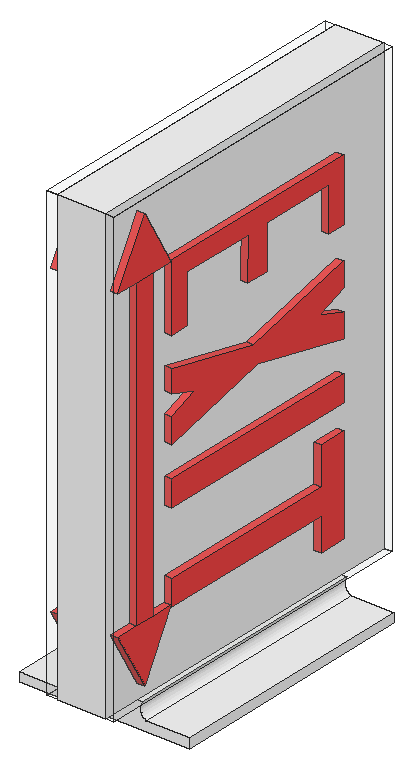
Revit family "CLS_End", category Lighting Fixtures, host Face, Revit 2014
Parameters (values of type "CLS-D-EXIT-Double_Arrow")
  zz Length 1 [instance] = if([EXIT - Single Face], 0.200", 0.250")  # 0.200"
  Watts = 3.72 W
  Wattage Comments = "3.72 W"
  Warranty = "Fixture: 5 Years Full; Battery: 2 Years Full, 8 Years Pro-Rata"  # constant formula
  Wall Plate Material = Hubbell - Black
  Voltage [instance] = if(Is 120VAC, 120 V, 277 V)  # 120 V
  URL = "https://www.hubbell.com/dual-lite/en"
  Type Comments = "Exit Light"  # constant formula
  EXIT - Single Face = yes
  STAIR - Single Face = no
  STAIR - Double Face = no
  Right Arrow - Single = yes
  Right Arrow - Double = yes
  Product Page URL = "https://www.hubbell.com/dual-lite/en/Products/Lighting-Controls/Emergency-Exit-Lighting/Exit-Message-Signs/CLS/p/222327"
  Product Documentation Link = "https://hubbellcdn.com/specsheet/0603521_cls_spec.pdf"
  Model = "CLS"
  Manufacturer = "DUAL-LITE"  # constant formula
  Load Classification = Lighting
  Lens = Hubbell - Red Glass
  Left Arrow - Single = yes
  Left Arrow - Double = yes
  Lamp = "LED Lamp"  # constant formula
  Is 277VAC [instance] = not(Is 120VAC)  # no
  Is 120VAC [instance] = yes
  Holder Material = Hubbell - Steel
  Glass = Hubbell - Glass
  Finish = Hubbell - White
  Features = "Improved one-piece design in AC or emergency operation\r\nHighly reliable and energy efficient LED illumination\r\nLong lasting Nickel Cadmium Battery\r\nGlass panels with EXIT or STAIRS"  # constant formula
  End = End : C1
  EXIT - Double Face = yes
  Description = "The CLS Series offers bright and even LED EXIT or STAIRS glass panel illumination with Red letters, white LED's and a 20 gauge, durable steel housing. Features include AC or Emergency operation in single or double face. 120/277 VAC input. City of Chicago approved."  # constant formula
  Default Elevation = 48.000"
  Certification = "UL 924 Listed\r\nNFPA 101 Life Safety Code\r\nCEC T20 Compliant"  # constant formula
  Arrow Base - Single = yes
  Arrow Base - Double = yes
  Application = "The Sempra® MR Series are a set of compact, low-profile Master/\r\nRemote exit sign featuring cast aluminum construction. It allows for\r\neasy installation and has energy saving, long-life LED lamps. "  # constant formula
  Apparent Load = Watts  # 3.72 VA
Types (16): name | zz Length 1 | EXIT - Single Face | STAIR - Single Face | STAIR - Double Face | Right Arrow - Single | Right Arrow - Double | Left Arrow - Single | Left Arrow - Double | Glass | EXIT - Double Face | Arrow Base - Single | Arrow Base - Double
  CLS-S-EXIT-No_arrows | 0.200" | yes | no | no | no | no | no | no | Hubbell - Glass | no | no | no
  CLS-S-EXIT-Right_Arrow | 0.200" | yes | no | no | yes | no | no | no | Hubbell - light Glass | no | yes | no
  CLS-S-EXIT-Left_Arrow | 0.200" | yes | no | no | no | no | yes | no | Hubbell - light Glass | no | yes | no
  CLS-S-EXIT-Double_Arrow | 0.200" | yes | no | no | yes | no | yes | no | Hubbell - light Glass | no | yes | no
  CLS-D-EXIT-No_Arrows | 0.200" | yes | no | no | no | no | no | no | Hubbell - light Glass | yes | no | no
  CLS-D-EXIT-Left_Arrow | 0.200" | yes | no | no | no | yes | yes | no | Hubbell - light Glass | yes | yes | yes
  CLS-D-EXIT-Right_Arrow | 0.200" | yes | no | no | yes | no | no | yes | Hubbell - light Glass | yes | yes | yes
  CLS-D-EXIT-Double_Arrow | 0.200" | yes | no | no | yes | yes | yes | yes | Hubbell - Glass | yes | yes | yes
  CLS-S-STAIRS-No_Arrows | 0.250" | no | yes | no | no | no | no | no | Hubbell - Glass | no | no | no
  CLS-S-STAIRS-Right_Arrow | 0.250" | no | yes | no | yes | no | no | no | Hubbell - Glass | no | yes | no
  CLS-S-STAIRS-Left_Arrow | 0.250" | no | yes | no | no | no | yes | no | Hubbell - Glass | no | yes | no
  CLS-S-STAIRS-Double_Arrow | 0.250" | no | yes | no | yes | no | yes | no | Hubbell - Glass | no | yes | no
  CLS-D-STAIRS-No_Arrow | 0.250" | no | yes | yes | no | no | no | no | Hubbell - Glass | no | no | no
  CLS-D-STAIRS-Right_Arrow | 0.250" | no | yes | yes | yes | no | no | yes | Hubbell - Glass | no | yes | yes
  CLS-D-STAIRS-Left_Arrow | 0.250" | no | yes | yes | no | yes | yes | no | Hubbell - Glass | no | yes | yes
  CLS-D-STAIRS-Double_Arrow | 0.250" | no | yes | yes | yes | yes | yes | yes | Hubbell - Glass | no | yes | yes
Reference planes (in)
  plane 1 "Center (Front/Back)": y = 0
  plane 2: z = 0
  plane 3 "Center (Left/Right)": x = 0
  plane 4: x = -6.25
  plane 5: x = 6.25
  plane 6: x = -2.75
  plane 7: x = 2.75
  plane 8: z = 9.3
  plane 9: y = -1.25
  plane 10: y = 1.25
  plane 11: y = -2.2
  plane 12: y = 2.2
Forms (in)
  Extrusion 1, solid, material "Hubbell - White"
    sketch origin (-0.33698, -0.33698, 0) x (1, 0, 0) y (0, 0, 1)
      loop
        line (2.20258, 0) -> (2.20258, 0.24288) -> (1.0795, 0.24288)
        arc (1.0795, 0.24288) -> (0.94157, 0.42301) -> (0.97906, 0.64676) r 0.28476
        line (0.97906, 0.64676) -> (-0.97906, 0.64676)
        arc (-0.97906, 0.64676) -> (-0.94157, 0.42301) -> (-1.0795, 0.24288) r 0.28476
        line (-1.0795, 0.24288) -> (-2.20258, 0.24288) -> (-2.20258, 0) -> (2.20258, 0)
    from -3.46752 to 3.16302
Dimensions and locks (in)
  plane 4 to plane 3 "Center (Left/Right)" = 6.250"
  equal spacing: plane 4, plane 3 "Center (Left/Right)", plane 5
  equal spacing: plane 6, plane 3 "Center (Left/Right)", plane 7
  plane 6 to plane 3 "Center (Left/Right)" = 2.750"
  plane 7 to plane 6 = 5.500"
  plane 5 to plane 4 = 12.500"
  aligned and locked: plane 2 to host face
  aligned and locked: level to host face
Automatic sketch dimensions
  host sketch curve to host sketch curve = 96.000"  (x2)
  Extrusion 1 sketch curve to level = 0.000"
  plane 6 to Extrusion 1 sketch curve = 0.21043"
  level to Extrusion 1 sketch curve = 0.49173"
  Extrusion 1 sketch curve to Extrusion 1 sketch curve = 0.98467"
  Extrusion 1 sketch curve to Extrusion 1 sketch curve = 0.13842"  (x2)
  Extrusion 1 sketch curve to Extrusion 1 sketch curve = 0.23886"
  plane 3 "Center (Left/Right)" to Extrusion 1 sketch curve = 0.64208"
  Extrusion 1 sketch curve to Extrusion 1 sketch curve = 0.10044"
  level to Extrusion 1 sketch curve = 0.24288"
  Extrusion 1 sketch curve to plane 7 = 0.8844"
  Extrusion 1 sketch curve to Extrusion 1 sketch curve = 0.24288"
Nested families (in)
  nested 1: "End" at (-0.14499, 0, 0.625) x (0, -1, 0) z (0, 0, 1), type <- "End", type "C1"
Connectors (in)
  electrical at (-0.33698, -0.18473, 0), driven by "Voltage", driven by "Apparent Load"
    settings: on Extrusion 1, index 1, voltage 120 V, apparent load 3.72 VA, apparent load phase1 0 VA, apparent load phase2 0 VA, apparent load phase3 0 VA, power factor 1, load classification "Other", number of poles 1, system type 30, power factor state 1, is connector primary yes, connector utility no, sub classification motor no, connector description "Lighting Connector"
Definition of nested family "End"
  Parameters (values of type "C1")
    STAIRS-Single Face = yes
    STAIRS-Double Face = yes
    EXIT-Single Face = yes
    Right Arrow - Single = yes
    Right Arrow - Double = yes
    Lens = Hubbell - Red Glass
    Left Arrow - Single = yes
    Left Arrow - Double = yes
    Glass = Hubbell - Glass
    Finish = Hubbell - White
    EXIT-Double Face = yes
    Arrow base-Double = yes
    Arrow base - Single = yes
  Reference planes (in)
    plane 1 "Center (Front/Back)": y = 0
    plane 2: z = 0
    plane 3 "Center (Left/Right)": x = 0
    plane 4: x = -5.625
    plane 5: x = 5.625
    plane 6: y = 0.866
    plane 7: y = -0.866
    plane 8: z = 12.375
  Forms (in)
    Extrusion 1, solid, material "Hubbell - White" <- "Finish"
      sketch origin (4.7775, 0.02507, 5.9025) x (0, 0, 1) y (-1, 0, 0)
        loop
          line (-5.875, 9.3) -> (-5.875, 0.25) -> (5.875, 0.25) -> (5.875, 9.3) -> (-5.875, 9.3)
      from -0.625 to 0.625
    Extrusion 2, solid, material "Hubbell - Red Glass" <- "Lens", visible <- "EXIT-Single Face"
      sketch origin (-3.82708, 0.02507, 5.9025) x (0, 0, -1) y (1, 0, 0)
        loop
          line (2.43416, 6.45678) -> (2.43416, 5.97564) -> (3.5716, 5.97564) -> (3.5716, 3.97225) -> (2.43416, 3.97225) -> (2.43416, 3.36683) -> (3.55274, 3.3823) -> (3.55274, 1.3823) -> (2.30274, 1.3823) -> (2.30274, 0.8823) -> (4.05274, 0.8823) -> (4.05274, 6.45678) -> (2.43416, 6.45678)
        loop
          line (1.58093, 6.45573) -> (0.95036, 6.45573) -> (0.67318, 5.69418) -> (0.396, 6.45573) -> (-0.23457, 6.45573) -> (0.40867, 3.66954) -> (-0.23457, 0.88335) -> (0.396, 0.88335) -> (0.67318, 1.64489) -> (0.95036, 0.88335) -> (1.53078, 0.88335) -> (0.91261, 3.56092) -> (1.58093, 6.45573)
        loop
          line (-1.71319, 6.47228) -> (-1.71319, 0.88335) -> (-1.04357, 0.88335) -> (-1.04357, 6.47228) -> (-1.71319, 6.47228)
        loop
          line (-2.31807, 1.07085) -> (-2.31807, 1.80238) -> (-3.19038, 1.80238) -> (-3.19038, 6.65978) -> (-3.86, 6.65978) -> (-3.86, 1.80238) -> (-4.82984, 1.80238) -> (-4.82984, 1.07085) -> (-2.31807, 1.07085)
      from 0.625 to 0.89107
    Extrusion 3, solid, material "Hubbell - Glass" <- "Glass", visible <- "EXIT-Single Face"
      sketch origin (4.7775, 0.02507, 5.9025) x (0, 0, 1) y (-1, 0, 0)
        loop
          line (-5.875, 9.305) -> (-5.875, 0.25) -> (5.875, 0.25) -> (5.875, 9.305) -> (-5.875, 9.305)
      from 0.625 to 0.89107
    Extrusion 4, solid, material "Hubbell - Red Glass" <- "Lens", visible <- "EXIT-Double Face"
      sketch origin (3.5275, 0.02507, 5.9025) x (0, 0, 1) y (1, 0, 0)
        loop
          line (2.43416, -6.45678) -> (4.05274, -6.45678) -> (4.05274, -0.8823) -> (2.30274, -0.8823) -> (2.30274, -1.3823) -> (3.55274, -1.3823) -> (3.55274, -3.3823) -> (2.43416, -3.36683) -> (2.43416, -3.97225) -> (3.5716, -3.97225) -> (3.5716, -5.97564) -> (2.43416, -5.97564) -> (2.43416, -6.45678)
        loop
          line (1.58093, -6.45573) -> (0.91261, -3.56092) -> (1.53078, -0.88335) -> (0.95036, -0.88335) -> (0.67318, -1.64489) -> (0.396, -0.88335) -> (-0.23457, -0.88335) -> (0.40867, -3.66954) -> (-0.23457, -6.45573) -> (0.396, -6.45573) -> (0.67318, -5.69418) -> (0.95036, -6.45573) -> (1.58093, -6.45573)
        loop
          line (-1.71319, -6.47228) -> (-1.04357, -6.47228) -> (-1.04357, -0.88335) -> (-1.71319, -0.88335) -> (-1.71319, -6.47228)
        loop
          line (-4.89234, -6.47228) -> (-2.38057, -6.47228) -> (-2.38057, -5.74075) -> (-3.35041, -5.74075) -> (-3.35041, -0.88335) -> (-4.02003, -0.88335) -> (-4.02003, -5.74075) -> (-4.89234, -5.74075) -> (-4.89234, -6.47228)
      from 0.625 to 0.84093
    Extrusion 5, solid, material "Hubbell - Glass" <- "Glass", visible <- "EXIT-Double Face"
      sketch origin (4.7775, 0.02507, 5.9025) x (0, 0, 1) y (1, 0, 0)
        loop
          line (5.875, -9.3) -> (5.875, -0.25) -> (-5.875, -0.25) -> (-5.875, -9.3) -> (5.875, -9.3)
      from 0.625 to 0.84093
    Extrusion 6, solid, material "Hubbell - Red Glass" <- "Lens", visible <- "Arrow base-Double"
      sketch origin (0, 0, 0) x (1, 0, 0) y (0, 0, 1)
        loop
          line (3.26823, 9.93122) -> (3.26823, 1.93122) -> (3.76823, 1.93122) -> (3.76823, 9.93122) -> (3.26823, 9.93122)
      from -0.866 to -0.65007
    Extrusion 7, solid, material "Hubbell - Red Glass" <- "Lens", visible <- "Left Arrow - Double"
      sketch origin (0, 0, 0) x (1, 0, 0) y (0, 0, 1)
        loop
          line (4.39221, 9.92839) -> (3.52618, 11.42839) -> (2.66016, 9.92839) -> (3.27618, 9.92839) -> (3.77618, 9.92839) -> (4.39221, 9.92839)
      from -0.866 to -0.65007
    Extrusion 8, solid, material "Hubbell - Red Glass" <- "Lens", visible <- "Right Arrow - Double"
      sketch origin (0, 0, 11.86245) x (1, 0, 0) y (0, 0, 1)
        loop
          line (4.39221, -9.92839) -> (3.77618, -9.92839) -> (3.27618, -9.92839) -> (2.66016, -9.92839) -> (3.52618, -11.42839) -> (4.39221, -9.92839)
      from -0.866 to -0.65007
    Extrusion 9, solid, material "Hubbell - Red Glass" <- "Lens", visible <- "Arrow base - Single"
      sketch origin (0, 0, 0) x (1, 0, 0) y (0, 0, -1)
        loop
          line (3.26823, -9.93122) -> (3.76823, -9.93122) -> (3.76823, -1.93122) -> (3.26823, -1.93122) -> (3.26823, -9.93122)
      from -0.866 to -0.65007
    Extrusion 10, solid, material "Hubbell - Red Glass" <- "Lens", visible <- "Right Arrow - Single"
      sketch origin (0, 0, 0) x (1, 0, 0) y (0, 0, -1)
        loop
          line (4.39221, -9.92839) -> (3.77618, -9.92839) -> (3.27618, -9.92839) -> (2.66016, -9.92839) -> (3.52618, -11.42839) -> (4.39221, -9.92839)
      from -0.866 to -0.65007
    Extrusion 11, solid, material "Hubbell - Red Glass" <- "Lens", visible <- "Left Arrow - Single"
      sketch origin (0, 0, 11.86245) x (1, 0, 0) y (0, 0, -1)
        loop
          line (4.39221, 9.92839) -> (3.52618, 11.42839) -> (2.66016, 9.92839) -> (3.27618, 9.92839) -> (3.77618, 9.92839) -> (4.39221, 9.92839)
      from -0.866 to -0.65007
    Extrusion 12, solid, material "Hubbell - Red Glass" <- "Lens", visible <- "STAIRS-Single Face"
      sketch origin (-0.5, 0, 0) x (1, 0, 0) y (0, 0, 1)
        loop
          line (-1.88113, 2.19677) -> (-2.69478, 2.19677)
          arc (-2.69478, 2.19677) -> (-2.87155, 2.12355) -> (-2.94478, 1.94677) r 0.25
          line (-2.94478, 1.94677) -> (-2.94478, 0.54083)
          arc (-2.94478, 0.54083) -> (-2.84401, 0.29754) -> (-2.60072, 0.19677) r 0.34405
          line (-2.60072, 0.19677) -> (-0.02929, 0.19677)
          arc (-0.02929, 0.19677) -> (0.22934, 0.3039) -> (0.33647, 0.56253) r 0.36576
          line (0.33647, 0.56253) -> (0.33647, 1.31851)
          arc (0.33647, 1.31851) -> (0.375, 1.45185) -> (0.47871, 1.54409) r 0.25
          line (0.47871, 1.54409) -> (2.31495, 1.54409)
          arc (2.31495, 1.54409) -> (2.43984, 1.49236) -> (2.49157, 1.36747) r 0.17663
          line (2.49157, 1.36747) -> (2.49157, 1.16329)
          arc (2.49157, 1.16329) -> (2.45666, 1.079) -> (2.37237, 1.04409) r 0.1192
          line (2.37237, 1.04409) -> (1.99157, 1.04409) -> (1.99157, 0.25958) -> (2.80522, 0.25958)
          arc (2.80522, 0.25958) -> (2.982, 0.3328) -> (3.05522, 0.50958) r 0.25
          line (3.05522, 0.50958) -> (3.05522, 1.91552)
          arc (3.05522, 1.91552) -> (3.01658, 2.07394) -> (2.90934, 2.19677) r 0.34405
          line (2.90934, 2.19677) -> (-0.09988, 2.19677)
          arc (-0.09988, 2.19677) -> (-0.27666, 2.12355) -> (-0.34988, 1.94677) r 0.25
          line (-0.34988, 1.94677) -> (-0.34988, 1.16226)
          arc (-0.34988, 1.16226) -> (-0.4231, 0.98548) -> (-0.59988, 0.91226) r 0.25
          line (-0.59988, 0.91226) -> (-2.20451, 0.91226)
          arc (-2.20451, 0.91226) -> (-2.3294, 0.96399) -> (-2.38113, 1.08888) r 0.17663
          line (-2.38113, 1.08888) -> (-2.38113, 1.29306)
          arc (-2.38113, 1.29306) -> (-2.34622, 1.37735) -> (-2.26193, 1.41226) r 0.1192
          line (-2.26193, 1.41226) -> (-1.88113, 1.41226) -> (-1.88113, 2.19677)
        loop
          line (-2.91247, 4.66984) -> (-2.91247, 2.47057) -> (-2.0247, 2.47057) -> (-2.0247, 3.21788) -> (3.05145, 3.21788) -> (3.05145, 3.8875) -> (-2.0247, 3.8875) -> (-2.0247, 4.66984) -> (-2.91247, 4.66984)
        loop
          line (-2.94372, 6.63357) -> (3.05926, 6.63357) -> (3.05926, 7.30319) -> (-2.94372, 7.30319) -> (-2.94372, 6.63357)
        loop
          line (-2.91247, 5.08785) -> (3.05522, 4.35511) -> (3.05522, 5.10511) -> (1.58343, 5.3912) -> (3.05522, 5.73818) -> (3.05522, 6.48818) -> (-2.91247, 5.78633) -> (-2.91247, 5.08785)
        loop
          line (0.65691, 5.38371) -> (1.13031, 5.29169) -> (1.13031, 5.49532) -> (0.65691, 5.38371)
        loop
          line (-2.94372, 7.44857) -> (3.05926, 7.44857) -> (3.05926, 8.11819) -> (1.15884, 8.11819) -> (3.06092, 8.56662) -> (3.06092, 9.31662) -> (-0.34988, 8.5125) -> (-0.34988, 9.02445)
          arc (-0.34988, 9.02445) -> (-0.45056, 9.26751) -> (-0.69362, 9.36819) r 0.34374
          line (-0.69362, 9.36819) -> (-2.69372, 9.36819)
          arc (-2.69372, 9.36819) -> (-2.8705, 9.29497) -> (-2.94372, 9.11819) r 0.25
          line (-2.94372, 9.11819) -> (-2.94372, 8.11819) -> (-2.94372, 7.44857)
        loop
          arc (-2.19372, 8.28281) -> (-2.14551, 8.16641) -> (-2.0291, 8.11819) r 0.16462
          line (-2.0291, 8.11819) -> (-1.11412, 8.11819)
          arc (-1.11412, 8.11819) -> (-0.99363, 8.1681) -> (-0.94372, 8.28859) r 0.1704
          line (-0.94372, 8.28859) -> (-0.94372, 8.61819)
          arc (-0.94372, 8.61819) -> (-1.01695, 8.79497) -> (-1.19372, 8.86819) r 0.25
          line (-1.19372, 8.86819) -> (-1.89265, 8.86819)
          arc (-1.89265, 8.86819) -> (-2.10554, 8.78001) -> (-2.19372, 8.56711) r 0.30108
          line (-2.19372, 8.56711) -> (-2.19372, 8.28281)
        loop
          line (-1.88113, 11.63427) -> (-2.69478, 11.63427)
          arc (-2.69478, 11.63427) -> (-2.87155, 11.56105) -> (-2.94478, 11.38427) r 0.25
          line (-2.94478, 11.38427) -> (-2.94478, 9.97833)
          arc (-2.94478, 9.97833) -> (-2.84401, 9.73504) -> (-2.60072, 9.63427) r 0.34405
          line (-2.60072, 9.63427) -> (-0.02929, 9.63427)
          arc (-0.02929, 9.63427) -> (0.22934, 9.7414) -> (0.33647, 10.00003) r 0.36576
          line (0.33647, 10.00003) -> (0.33647, 10.75601)
          arc (0.33647, 10.75601) -> (0.375, 10.88935) -> (0.47871, 10.98159) r 0.25
          line (0.47871, 10.98159) -> (2.31495, 10.98159)
          arc (2.31495, 10.98159) -> (2.43984, 10.92986) -> (2.49157, 10.80497) r 0.17663
          line (2.49157, 10.80497) -> (2.49157, 10.60079)
          arc (2.49157, 10.60079) -> (2.45666, 10.5165) -> (2.37237, 10.48159) r 0.1192
          line (2.37237, 10.48159) -> (1.99157, 10.48159) -> (1.99157, 9.69708) -> (2.80522, 9.69708)
          arc (2.80522, 9.69708) -> (2.982, 9.7703) -> (3.05522, 9.94708) r 0.25
          line (3.05522, 9.94708) -> (3.05522, 11.35302)
          arc (3.05522, 11.35302) -> (3.01658, 11.51144) -> (2.90934, 11.63427) r 0.34405
          line (2.90934, 11.63427) -> (-0.09988, 11.63427)
          arc (-0.09988, 11.63427) -> (-0.27666, 11.56105) -> (-0.34988, 11.38427) r 0.25
          line (-0.34988, 11.38427) -> (-0.34988, 10.59976)
          arc (-0.34988, 10.59976) -> (-0.4231, 10.42298) -> (-0.59988, 10.34976) r 0.25
          line (-0.59988, 10.34976) -> (-2.20451, 10.34976)
          arc (-2.20451, 10.34976) -> (-2.3294, 10.40149) -> (-2.38113, 10.52638) r 0.17663
          line (-2.38113, 10.52638) -> (-2.38113, 10.73056)
          arc (-2.38113, 10.73056) -> (-2.34622, 10.81485) -> (-2.26193, 10.84976) r 0.1192
          line (-2.26193, 10.84976) -> (-1.88113, 10.84976) -> (-1.88113, 11.63427)
      from 0.59993 to 0.866
    Extrusion 13, solid, material "Hubbell - Red Glass" <- "Lens", visible <- "STAIRS-Double Face"
      sketch origin (-0.5, 0, 11.805) x (1, 0, 0) y (0, 0, -1)
        loop
          line (-1.88113, 2.19677) -> (-2.69478, 2.19677)
          arc (-2.69478, 2.19677) -> (-2.87155, 2.12355) -> (-2.94478, 1.94677) r 0.25
          line (-2.94478, 1.94677) -> (-2.94478, 0.54083)
          arc (-2.94478, 0.54083) -> (-2.84401, 0.29754) -> (-2.60072, 0.19677) r 0.34405
          line (-2.60072, 0.19677) -> (-0.02929, 0.19677)
          arc (-0.02929, 0.19677) -> (0.22934, 0.3039) -> (0.33647, 0.56253) r 0.36576
          line (0.33647, 0.56253) -> (0.33647, 1.31851)
          arc (0.33647, 1.31851) -> (0.375, 1.45185) -> (0.47871, 1.54409) r 0.25
          line (0.47871, 1.54409) -> (2.31495, 1.54409)
          arc (2.31495, 1.54409) -> (2.43984, 1.49236) -> (2.49157, 1.36747) r 0.17663
          line (2.49157, 1.36747) -> (2.49157, 1.16329)
          arc (2.49157, 1.16329) -> (2.45666, 1.079) -> (2.37237, 1.04409) r 0.1192
          line (2.37237, 1.04409) -> (1.99157, 1.04409) -> (1.99157, 0.25958) -> (2.80522, 0.25958)
          arc (2.80522, 0.25958) -> (2.982, 0.3328) -> (3.05522, 0.50958) r 0.25
          line (3.05522, 0.50958) -> (3.05522, 1.91552)
          arc (3.05522, 1.91552) -> (3.01658, 2.07394) -> (2.90934, 2.19677) r 0.34405
          line (2.90934, 2.19677) -> (-0.09988, 2.19677)
          arc (-0.09988, 2.19677) -> (-0.27666, 2.12355) -> (-0.34988, 1.94677) r 0.25
          line (-0.34988, 1.94677) -> (-0.34988, 1.16226)
          arc (-0.34988, 1.16226) -> (-0.4231, 0.98548) -> (-0.59988, 0.91226) r 0.25
          line (-0.59988, 0.91226) -> (-2.20451, 0.91226)
          arc (-2.20451, 0.91226) -> (-2.3294, 0.96399) -> (-2.38113, 1.08888) r 0.17663
          line (-2.38113, 1.08888) -> (-2.38113, 1.29306)
          arc (-2.38113, 1.29306) -> (-2.34622, 1.37735) -> (-2.26193, 1.41226) r 0.1192
          line (-2.26193, 1.41226) -> (-1.88113, 1.41226) -> (-1.88113, 2.19677)
        loop
          line (-2.91247, 4.66984) -> (-2.91247, 2.47057) -> (-2.0247, 2.47057) -> (-2.0247, 3.21788) -> (3.05145, 3.21788) -> (3.05145, 3.8875) -> (-2.0247, 3.8875) -> (-2.0247, 4.66984) -> (-2.91247, 4.66984)
        loop
          line (-2.94372, 6.63357) -> (3.05926, 6.63357) -> (3.05926, 7.30319) -> (-2.94372, 7.30319) -> (-2.94372, 6.63357)
        loop
          line (-2.91247, 5.08785) -> (3.05522, 4.35511) -> (3.05522, 5.10511) -> (1.58343, 5.3912) -> (3.05522, 5.73818) -> (3.05522, 6.48818) -> (-2.91247, 5.78633) -> (-2.91247, 5.08785)
        loop
          line (0.65691, 5.38371) -> (1.13031, 5.29169) -> (1.13031, 5.49532) -> (0.65691, 5.38371)
        loop
          line (-2.94372, 7.44857) -> (3.05926, 7.44857) -> (3.05926, 8.11819) -> (1.15884, 8.11819) -> (3.06092, 8.56662) -> (3.06092, 9.31662) -> (-0.34988, 8.5125) -> (-0.34988, 9.02445)
          arc (-0.34988, 9.02445) -> (-0.45056, 9.26751) -> (-0.69362, 9.36819) r 0.34374
          line (-0.69362, 9.36819) -> (-2.69372, 9.36819)
          arc (-2.69372, 9.36819) -> (-2.8705, 9.29497) -> (-2.94372, 9.11819) r 0.25
          line (-2.94372, 9.11819) -> (-2.94372, 8.11819) -> (-2.94372, 7.44857)
        loop
          arc (-2.19372, 8.28281) -> (-2.14551, 8.16641) -> (-2.0291, 8.11819) r 0.16462
          line (-2.0291, 8.11819) -> (-1.11412, 8.11819)
          arc (-1.11412, 8.11819) -> (-0.99363, 8.1681) -> (-0.94372, 8.28859) r 0.1704
          line (-0.94372, 8.28859) -> (-0.94372, 8.61819)
          arc (-0.94372, 8.61819) -> (-1.01695, 8.79497) -> (-1.19372, 8.86819) r 0.25
          line (-1.19372, 8.86819) -> (-1.89265, 8.86819)
          arc (-1.89265, 8.86819) -> (-2.10554, 8.78001) -> (-2.19372, 8.56711) r 0.30108
          line (-2.19372, 8.56711) -> (-2.19372, 8.28281)
        loop
          line (-1.88113, 11.63427) -> (-2.69478, 11.63427)
          arc (-2.69478, 11.63427) -> (-2.87155, 11.56105) -> (-2.94478, 11.38427) r 0.25
          line (-2.94478, 11.38427) -> (-2.94478, 9.97833)
          arc (-2.94478, 9.97833) -> (-2.84401, 9.73504) -> (-2.60072, 9.63427) r 0.34405
          line (-2.60072, 9.63427) -> (-0.02929, 9.63427)
          arc (-0.02929, 9.63427) -> (0.22934, 9.7414) -> (0.33647, 10.00003) r 0.36576
          line (0.33647, 10.00003) -> (0.33647, 10.75601)
          arc (0.33647, 10.75601) -> (0.375, 10.88935) -> (0.47871, 10.98159) r 0.25
          line (0.47871, 10.98159) -> (2.31495, 10.98159)
          arc (2.31495, 10.98159) -> (2.43984, 10.92986) -> (2.49157, 10.80497) r 0.17663
          line (2.49157, 10.80497) -> (2.49157, 10.60079)
          arc (2.49157, 10.60079) -> (2.45666, 10.5165) -> (2.37237, 10.48159) r 0.1192
          line (2.37237, 10.48159) -> (1.99157, 10.48159) -> (1.99157, 9.69708) -> (2.80522, 9.69708)
          arc (2.80522, 9.69708) -> (2.982, 9.7703) -> (3.05522, 9.94708) r 0.25
          line (3.05522, 9.94708) -> (3.05522, 11.35302)
          arc (3.05522, 11.35302) -> (3.01658, 11.51144) -> (2.90934, 11.63427) r 0.34405
          line (2.90934, 11.63427) -> (-0.09988, 11.63427)
          arc (-0.09988, 11.63427) -> (-0.27666, 11.56105) -> (-0.34988, 11.38427) r 0.25
          line (-0.34988, 11.38427) -> (-0.34988, 10.59976)
          arc (-0.34988, 10.59976) -> (-0.4231, 10.42298) -> (-0.59988, 10.34976) r 0.25
          line (-0.59988, 10.34976) -> (-2.20451, 10.34976)
          arc (-2.20451, 10.34976) -> (-2.3294, 10.40149) -> (-2.38113, 10.52638) r 0.17663
          line (-2.38113, 10.52638) -> (-2.38113, 10.73056)
          arc (-2.38113, 10.73056) -> (-2.34622, 10.81485) -> (-2.26193, 10.84976) r 0.1192
          line (-2.26193, 10.84976) -> (-1.88113, 10.84976) -> (-1.88113, 11.63427)
      from 0.59993 to 0.866
  Dimensions and locks (in)
    Extrusion 5 to Extrusion 3 = 1.732"
    plane 8 to plane 2 = 12.375"
    plane 5 to plane 3 "Center (Left/Right)" to plane 4 = 5.625", 5.625"
    plane 5 to plane 4 = 11.250"
    aligned and locked: plane 2 to level
